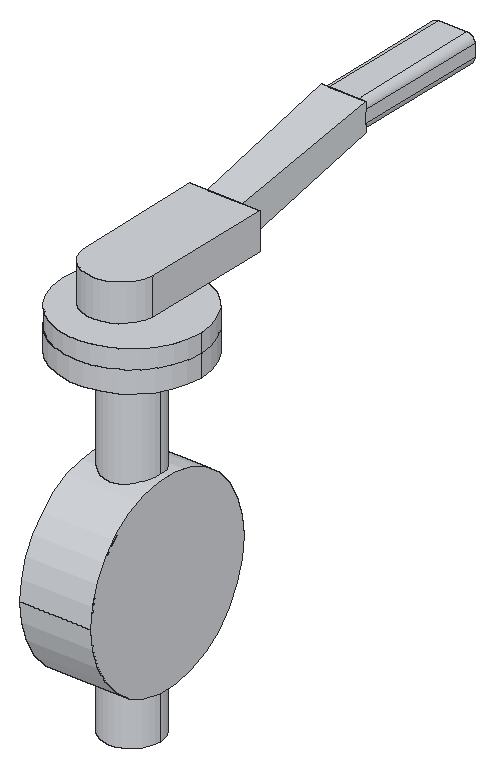
Revit family "HS497-68_disk-nerez_s pákou DN080-RFA_2019", category Pipe Accessories, Revit 2019
Family settings
  Round Connector Dimension = Use Diameter
  Part Type = Valve - Breaks Into
  Work Plane-Based = No
  Always vertical = Yes
  Cut with Voids When Loaded = No
  Shared = No
Parameters (values of type "HS 497-68_DN080_PN16_s pákou")
  magiProductId = "e414795fab0f4eccb99bc3572c5477"
  magiProductFamilyId = "53cea81e6f374d17b8841d9c72ad77"
  magiPartTypeId = 305
  isMeasuringValve [instance] = no
  ang2D [instance] = 0.00°
  X11 = 61.456 mm
  X1 = 25.456 mm
  W2D = 1000 mm
  VersionID = "2.0/2017.9.26.1/ZETKAMA_497_001"
  Use Minimum Symbol Size [instance] = yes
  URL = "http://www.hydronic.cz"
  Type Comments = "mezipřírubová; nerezový disk; PN16; -10~+110°C (krátkodobě +120°C)"
  SW30 = no
  SW3 = no
  SW21 = no
  SW20 = yes
  SW2 = yes
  SW1 = no
  R = 40 mm
  QmdConnectorList = "301;D;302;D"
  Productdata [instance] = ""
  NC = 50 mm
  Manufacturer = "Hydronic Systems Prague s.r.o."
  MM20 = 25.456 mm
  MC Product Code = "121 080 (nerezový disk, s pákou; DN80; PN16, kvs258)"
  M41 = 66 mm
  M4 = 44 mm
  LHL = 260 mm
  LHH3 = 3 mm
  LHH1 = 57 mm
  LH1 = 86.667 mm
  L4R__ve = -L4R  # -12.8 mm
  L4R = 12.8 mm
  L42__ve = -L42  # -96 mm
  L42 = 96 mm
  L41__ve = -L41  # -19.2 mm
  L41 = 19.2 mm
  L2D_Min = 3048 mm
  L2D = 216 mm
  L2 = 23 mm
  L1 = 36.8 mm
  L = 46 mm
  H = 30 mm
  G22 = 11.25 mm
  G2 = 22.5 mm
  G1 = 90 mm
  G = 90 mm
  F = 11 mm
  E44 = 31.25 mm
  E42 = 62.5 mm
  E4 = 125 mm
  E23 = 6 mm
  E22 = 24 mm
  E21 = 12 mm
  Description = "Mezipřírubová uzavírací klapka s pákou; nerezový disk, DN80; PN16; kvs258"
  DR2 = 40 mm
  DR = 124 mm
  DD1 = 15.625 mm
  DD = 12.5 mm
  D = 80 mm
  CAT0 = yes
  B2__ve = -B2  # -54 mm
  B2 = 54 mm
  A2 = 14.1 mm
  A1 = 86.9 mm
Types (43, lengths in mm): name | magiProductId | X11 | X1 | Type Comments | SW30 | SW3 | SW20 | SW2 | SW1 | R | NC | Manufacturer | MM20 | MC Product Code | M41 | M4 | LHL | LHH3 | LHH1 | LH1 | L4R__ve | L4R | L42__ve | L42 | L41__ve | L41 | L2 | L1 | L | H | G | F | E44 | E42 | E4 | E23 | E22 | E21 | Description | DR2 | DR | DD1 | DD | D | B2__ve | B2 | A2 | A1
  HS 497-68_DN100_PN16_volné vřeteno | "65d1b245f4f142c78569c0602d5754" | 61.456 | 25.456 | "mezipřírubová; nerezový disk; PN16; -10~+110°C (krátkodobě +120°C)" | no | no | no | no | yes | 50 | 50 | "Hydronic Systems Prague s.r.o." | 25.456 | "124 100 (nerezový disk, s volným vřetenem; DN100; PN16, kvs512)" | 66 | 44 | 220 | 2.45 | 46.55 | 73.333 | -12.8 | 12.8 | -96 | 96 | -19.2 | 19.2 | 26 | 41.6 | 52 | 30 | 90 | 11 | 31.25 | 62.5 | 125 | 4.9 | 19.6 | 9.8 | "Mezipřírubová uzavírací klapka s volným vřetenem; nerezový disk, DN100; PN16; kvs512" | 50 | 147 | 15.625 | 12.5 | 100 | -56 | 56 | 16.5 | 98.5
  HS 497-68_DN100_PN16_převodové kolo | "11e91b807e674d428c8e796fcdcfe2" | 61.456 | 25.456 | "mezipřírubová; nerezový disk; PN16; -10~+110°C (krátkodobě +120°C)" | yes | yes | no | no | no | 50 | 50 | "Hydronic Systems Prague s.r.o." | 25.456 | "126 100 (nerezový disk, s převodovým kolem; DN100; PN16, kvs512)" | 65.25 | 43.5 | 220 | 2.45 | 46.55 | 73.333 | -12.8 | 12.8 | -96 | 96 | -19.2 | 19.2 | 26 | 41.6 | 52 | 30 | 90 | 11 | 31.25 | 62.5 | 125 | 4.9 | 19.6 | 9.8 | "Mezipřírubová uzavírací klapka s převodovým kolem; nerezový disk, DN100; PN16; kvs512" | 50 | 147 | 15.625 | 12.5 | 100 | -56 | 56 | 16.5 | 98.5
  HS 497-68_DN100_PN16_s pákou | "28172f0b3f4b47b28323ac71cf8749" | 61.456 | 25.456 | "mezipřírubová; nerezový disk; PN16; -10~+110°C (krátkodobě +120°C)" | no | no | yes | yes | no | 50 | 50 | "Hydronic Systems Prague s.r.o." | 25.456 | "121 100 (nerezový disk, s pákou; DN100; PN16, kvs512)" | 66 | 44 | 260 | 3 | 57 | 86.667 | -12.8 | 12.8 | -96 | 96 | -19.2 | 19.2 | 26 | 41.6 | 52 | 30 | 90 | 11 | 31.25 | 62.5 | 125 | 6 | 24 | 12 | "Mezipřírubová uzavírací klapka s pákou; nerezový disk, DN100; PN16; kvs512" | 50 | 147 | 15.625 | 12.5 | 100 | -56 | 56 | 16.5 | 98.5
  HS 497-68_DN125_PN16_volné vřeteno | "0d813d910fc14f628bb3c2efbd185c" | 61.456 | 25.456 | "mezipřírubová; nerezový disk; PN16; -10~+110°C (krátkodobě +120°C)" | no | no | no | no | yes | 62.5 | 50 | "Hydronic Systems Prague s.r.o." | 25.456 | "124 125 (nerezový disk, s volným vřetenem; DN125; PN16, kvs872)" | 66 | 44 | 220 | 2.45 | 46.55 | 73.333 | -12.8 | 12.8 | -96 | 96 | -19.2 | 19.2 | 28 | 44.8 | 56 | 33 | 90 | 14 | 31.25 | 62.5 | 125 | 4.9 | 19.6 | 9.8 | "Mezipřírubová uzavírací klapka s volným vřetenem; nerezový disk, DN125; PN16; kvs872" | 62.5 | 180 | 15.625 | 12.5 | 125 | -64 | 64 | 18 | 99.5
  HS 497-68_DN125_PN16_převodové kolo | "c56b7c13f372467684996fb1e0e229" | 61.456 | 25.456 | "mezipřírubová; nerezový disk; PN16; -10~+110°C (krátkodobě +120°C)" | yes | yes | no | no | no | 62.5 | 50 | "Hydronic Systems Prague s.r.o." | 25.456 | "126125 (nerezový disk, s převodovým kolem; DN125; PN16, kvs872)" | 65.25 | 43.5 | 220 | 2.45 | 46.55 | 73.333 | -13.5 | 13.5 | -101.25 | 101.25 | -20.25 | 20.25 | 28 | 44.8 | 56 | 33 | 90 | 14 | 40 | 80 | 160 | 4.9 | 19.6 | 9.8 | "Mezipřírubová uzavírací klapka s převodovým kolem; nerezový disk, DN125; PN16; kvs872" | 62.5 | 180 | 20 | 16 | 125 | -64 | 64 | 18 | 99.5
  HS 497-68_DN125_PN16_s pákou | "105993c79a91492399feef7931321a" | 61.456 | 25.456 | "mezipřírubová; nerezový disk; PN16; -10~+110°C (krátkodobě +120°C)" | no | no | yes | yes | no | 62.5 | 50 | "Hydronic Systems Prague s.r.o." | 25.456 | "121 125 (nerezový disk, s pákou; DN125; PN16, kvs872)" | 66 | 44 | 315 | 3.75 | 71.25 | 105 | -12.8 | 12.8 | -96 | 96 | -19.2 | 19.2 | 28 | 44.8 | 56 | 33 | 90 | 14 | 31.25 | 62.5 | 125 | 7.5 | 30 | 15 | "Mezipřírubová uzavírací klapka s pákou; nerezový disk, DN125; PN16; kvs872" | 62.5 | 180 | 15.625 | 12.5 | 125 | -64 | 64 | 18 | 99.5
  HS 497-68_DN150_PN16_volné vřeteno | "50c80cb8ab434f55ab7796e5ac1331" | 61.456 | 25.456 | "mezipřírubová; nerezový disk; PN16; -10~+110°C (krátkodobě +120°C)" | no | no | no | no | yes | 75 | 50 | "Hydronic Systems Prague s.r.o." | 25.456 | "124 150 (nerezový disk, s volným vřetenem; DN150; PN16, kvs1347)" | 66 | 44 | 220 | 2.45 | 46.55 | 73.333 | -12.8 | 12.8 | -96 | 96 | -19.2 | 19.2 | 28 | 44.8 | 56 | 33 | 90 | 14 | 31.25 | 62.5 | 125 | 4.9 | 19.6 | 9.8 | "Mezipřírubová uzavírací klapka s volným vřetenem; nerezový disk, DN150; PN16; kvs1347" | 75 | 206 | 15.625 | 12.5 | 150 | -58 | 58 | 19.3 | 98.7
  HS 497-68_DN150_PN16_převodové kolo | "d94a1a0cf83b476eb10011b327f709" | 61.456 | 25.456 | "mezipřírubová; nerezový disk; PN16; -10~+110°C (krátkodobě +120°C)" | yes | yes | no | no | no | 75 | 50 | "Hydronic Systems Prague s.r.o." | 25.456 | "126 150 (nerezový disk, s převodovým kolem; DN150; PN16, kvs1347)" | 65.25 | 43.5 | 220 | 2.45 | 46.55 | 73.333 | -13.5 | 13.5 | -101.25 | 101.25 | -20.25 | 20.25 | 28 | 44.8 | 56 | 33 | 90 | 14 | 40 | 80 | 160 | 4.9 | 19.6 | 9.8 | "Mezipřírubová uzavírací klapka s převodovým kolem; nerezový disk, DN150; PN16; kvs1347" | 75 | 206 | 20 | 16 | 150 | -58 | 58 | 19.3 | 98.7
  HS 497-68_DN150_PN16_s pákou | "4d2835523fe84828bc50ff0a5a0dfb" | 61.456 | 25.456 | "mezipřírubová; nerezový disk; PN16; -10~+110°C (krátkodobě +120°C)" | no | no | yes | yes | no | 75 | 50 | "Hydronic Systems Prague s.r.o." | 25.456 | "121 150 (nerezový disk, s pákou; DN150; PN16, kvs1347)" | 66 | 44 | 315 | 3.75 | 71.25 | 105 | -12.8 | 12.8 | -96 | 96 | -19.2 | 19.2 | 28 | 44.8 | 56 | 33 | 90 | 14 | 31.25 | 62.5 | 125 | 7.5 | 30 | 15 | "Mezipřírubová uzavírací klapka s pákou; nerezový disk, DN150; PN16; kvs1347" | 75 | 206 | 15.625 | 12.5 | 150 | -58 | 58 | 19.3 | 98.7
  HS 497-68_DN200_PN16_volné vřeteno | "5b29029eaeba47139ee1055a4b9201" | 61.456 | 25.456 | "mezipřírubová; nerezový disk; PN16; -10~+110°C (krátkodobě +120°C)" | no | no | no | no | yes | 100 | 50 | "Hydronic Systems Prague s.r.o." | 25.456 | "124 200 (nerezový disk, s volným vřetenem; DN200; PN16, kvs2675)" | 66 | 44 | 220 | 2.45 | 46.55 | 73.333 | -12.8 | 12.8 | -96 | 96 | -19.2 | 19.2 | 30 | 48 | 60 | 33 | 90 | 17 | 31.25 | 62.5 | 125 | 4.9 | 19.6 | 9.8 | "Mezipřírubová uzavírací klapka s volným vřetenem; nerezový disk, DN200; PN16; kvs2675" | 100 | 257 | 15.625 | 12.5 | 200 | -70 | 70 | 22.5 | 102.5
  HS 497-68_DN200_PN16_převodové kolo | "b2793cc1fcc44cf2a35062cd67c04f" | 61.456 | 25.456 | "mezipřírubová; nerezový disk; PN16; -10~+110°C (krátkodobě +120°C)" | yes | yes | no | no | no | 100 | 57 | "Hydronic Systems Prague s.r.o." | 25.456 | "126 200 (nerezový disk, s převodovým kolem; DN200; PN16, kvs2675)" | 78.75 | 52.5 | 220 | 2.45 | 46.55 | 73.333 | -15.2 | 15.2 | -114 | 114 | -22.8 | 22.8 | 30 | 48 | 60 | 33 | 90 | 17 | 50 | 100 | 200 | 4.9 | 19.6 | 9.8 | "Mezipřírubová uzavírací klapka s převodovým kolem; nerezový disk, DN200; PN16; kvs2675" | 100 | 257 | 25 | 20 | 200 | -70 | 70 | 22.5 | 102.5
  HS 497-68_DN200_PN16_s pákou | "f88d96c7af224537a51e72d7d8fffe" | 61.456 | 25.456 | "mezipřírubová; nerezový disk; PN16; -10~+110°C (krátkodobě +120°C)" | no | no | yes | yes | no | 100 | 50 | "Hydronic Systems Prague s.r.o." | 25.456 | "121 200 (nerezový disk, s pákou; DN200; PN16, kvs2675)" | 66 | 44 | 315 | 3.75 | 71.25 | 105 | -12.8 | 12.8 | -96 | 96 | -19.2 | 19.2 | 30 | 48 | 60 | 33 | 90 | 17 | 31.25 | 62.5 | 125 | 7.5 | 30 | 15 | "Mezipřírubová uzavírací klapka s pákou; nerezový disk, DN200; PN16; kvs2675" | 100 | 257 | 15.625 | 12.5 | 200 | -70 | 70 | 22.5 | 102.5
  HS 497-68_DN250_PN16_volné vřeteno | "b662e8305ca2402b9c510e66e6aa55" | 88.77 | 36.77 | "mezipřírubová; nerezový disk; PN16; -10~+110°C (krátkodobě +120°C)" | no | no | no | no | yes | 125 | 50 | "Hydronic Systems Prague s.r.o." | 36.77 | "124 250 (nerezový disk, s volným vřetenem; DN250; PN16, kvs4555)" | 66 | 44 | 220 | 2.45 | 46.55 | 73.333 | -12.8 | 12.8 | -96 | 96 | -19.2 | 19.2 | 34 | 54.4 | 68 | 23 | 130 | 22 | 31.25 | 62.5 | 125 | 4.9 | 19.6 | 9.8 | "Mezipřírubová uzavírací klapka s volným vřetenem; nerezový disk, DN250; PN16; kvs4555" | 125 | 324 | 15.625 | 12.5 | 250 | -85 | 85 | 28.25 | 129.25
  HS 497-68_DN250_PN16_převodové kolo | "5ee9016806664ddfaa2632711f295c" | 88.77 | 36.77 | "mezipřírubová; nerezový disk; PN16; -10~+110°C (krátkodobě +120°C)" | yes | yes | no | no | no | 125 | 70 | "Hydronic Systems Prague s.r.o." | 36.77 | "126 250 (nerezový disk, s převodovým kolem; DN250; PN16, kvs4555)" | 91.5 | 61 | 220 | 2.45 | 46.55 | 73.333 | -22.2 | 22.2 | -166.5 | 166.5 | -33.3 | 33.3 | 34 | 54.4 | 68 | 23 | 130 | 22 | 62.5 | 125 | 250 | 4.9 | 19.6 | 9.8 | "Mezipřírubová uzavírací klapka s převodovým kolem; nerezový disk, DN250; PN16; kvs4555" | 125 | 324 | 31.25 | 25 | 250 | -85 | 85 | 28.25 | 129.25
  HS 497-68_DN300_PN16_volné vřeteno | "e1886f51ff004380a649519258edf2" | 88.77 | 36.77 | "mezipřírubová; nerezový disk; PN16; -10~+110°C (krátkodobě +120°C)" | no | no | no | no | yes | 150 | 50 | "Hydronic Systems Prague s.r.o." | 36.77 | "124 300 (nerezový disk, s volným vřetenem; DN300; PN16, kvs7037)" | 66 | 44 | 220 | 2.45 | 46.55 | 73.333 | -12.8 | 12.8 | -96 | 96 | -19.2 | 19.2 | 39 | 62.4 | 78 | 23 | 130 | 22 | 31.25 | 62.5 | 125 | 4.9 | 19.6 | 9.8 | "Mezipřírubová uzavírací klapka s volným vřetenem; nerezový disk, DN300; PN16; kvs7037" | 150 | 376 | 15.625 | 12.5 | 300 | -90 | 90 | 30.8 | 127.2
  HS 497-68_DN300_PN16_převodové kolo | "6860f094f77d42088fbebc3c97f755" | 88.77 | 36.77 | "mezipřírubová; nerezový disk; PN16; -10~+110°C (krátkodobě +120°C)" | yes | yes | no | no | no | 150 | 70 | "Hydronic Systems Prague s.r.o." | 36.77 | "126 300 (nerezový disk, s převodovým kolem; DN300; PN16, kvs7037)" | 91.5 | 61 | 220 | 2.45 | 46.55 | 73.333 | -22.2 | 22.2 | -166.5 | 166.5 | -33.3 | 33.3 | 39 | 62.4 | 78 | 23 | 130 | 22 | 62.5 | 125 | 250 | 4.9 | 19.6 | 9.8 | "Mezipřírubová uzavírací klapka s převodovým kolem; nerezový disk, DN300; PN16; kvs7037" | 150 | 376 | 31.25 | 25 | 300 | -90 | 90 | 30.8 | 127.2
  HS 497-68_DN032_PN16_volné vřeteno | "8c5f65de52aa4067a77564107e31b2" | 61.456 | 25.456 | "mezipřírubová; nerezový disk; PN16; -10~+110°C (krátkodobě +120°C)" | no | no | no | no | yes | 16 | 50 | "Hydronic Systems Prague s.r.o." | 25.456 | "124 032 (nerezový disk, s volným vřetenem; DN32; PN16, kvs78)" | 66 | 44 | 220 | 2.45 | 46.55 | 73.333 | -12.8 | 12.8 | -96 | 96 | -19.2 | 19.2 | 16.5 | 26.4 | 33 | 30 | 90 | 11 | 31.25 | 62.5 | 125 | 4.9 | 19.6 | 9.8 | "Mezipřírubová uzavírací klapka s volným vřetenem; nerezový disk, DN32; PN16; kvs78" | 16 | 68 | 15.625 | 12.5 | 32 | -44.2 | 44.2 | 10.25 | 76.25
  HS 497-68_DN032_PN16_převodové kolo | "60aaeffa8b3a4e809ef000e4660060" | 61.456 | 25.456 | "mezipřírubová; nerezový disk; PN16; -10~+110°C (krátkodobě +120°C)" | yes | yes | no | no | no | 16 | 50 | "Hydronic Systems Prague s.r.o." | 25.456 | "126 032 (nerezový disk, s převodovým kolem; DN32; PN16, kvs78)" | 65.25 | 43.5 | 220 | 2.45 | 46.55 | 73.333 | -12.8 | 12.8 | -96 | 96 | -19.2 | 19.2 | 16.5 | 26.4 | 33 | 30 | 90 | 11 | 31.25 | 62.5 | 125 | 4.9 | 19.6 | 9.8 | "Mezipřírubová uzavírací klapka s převodovým kolem; nerezový disk, DN32; PN16; kvs78" | 16 | 68 | 15.625 | 12.5 | 32 | -44.2 | 44.2 | 10.25 | 76.25
  HS 497-68_DN032_PN16_s pákou | "9ad8088d610749a1b871aa2aad8007" | 61.456 | 25.456 | "mezipřírubová; nerezový disk; PN16; -10~+110°C (krátkodobě +120°C)" | no | no | yes | yes | no | 16 | 50 | "Hydronic Systems Prague s.r.o." | 25.456 | "121 032 (nerezový disk, s pákou; DN32; PN16, kvs78)" | 66 | 44 | 220 | 2.45 | 46.55 | 73.333 | -12.8 | 12.8 | -96 | 96 | -19.2 | 19.2 | 16.5 | 26.4 | 33 | 30 | 90 | 11 | 31.25 | 62.5 | 125 | 4.9 | 19.6 | 9.8 | "Mezipřírubová uzavírací klapka s pákou; nerezový disk, DN32; PN16; kvs78" | 16 | 68 | 15.625 | 12.5 | 32 | -44.2 | 44.2 | 10.25 | 76.25
  HS 497-68_DN350_PN10_volné vřeteno | "72a1e05f22944421b7e9596a877137" | 109.255 | 45.255 | "mezipřírubová; nerezový disk; PN10; -10~+110°C (krátkodobě +120°C)" | no | no | no | no | yes | 175 | 50 | "Hydronic Systems Prague s.r.o." | 45.255 | "124 350 (nerezový disk, s volným vřetenem; DN350; PN10, kvs10165)" | 66 | 44 | 220 | 2.45 | 46.55 | 73.333 | -12.8 | 12.8 | -96 | 96 | -19.2 | 19.2 | 39 | 62.4 | 78 | 31 | 160 | 22 | 31.25 | 62.5 | 125 | 4.9 | 19.6 | 9.8 | "Mezipřírubová uzavírací klapka s volným vřetenem; nerezový disk, DN350; PN10; kvs10165" | 175 | 430 | 15.625 | 12.5 | 350 | -88 | 88 | 33.85 | 129.65
  HS 497-68_DN350_PN10_převodové kolo | "a5a01426cb28494ba3afca92f1dace" | 109.255 | 45.255 | "mezipřírubová; nerezový disk; PN10; -10~+110°C (krátkodobě +120°C)" | yes | yes | no | no | no | 175 | 70 | "Hydronic Systems Prague s.r.o." | 45.255 | "126 350 (nerezový disk, s převodovým kolem; DN350; PN10, kvs10165)" | 91.5 | 61 | 220 | 2.45 | 46.55 | 73.333 | -22.2 | 22.2 | -166.5 | 166.5 | -33.3 | 33.3 | 39 | 62.4 | 78 | 31 | 160 | 22 | 62.5 | 125 | 250 | 4.9 | 19.6 | 9.8 | "Mezipřírubová uzavírací klapka s převodovým kolem; nerezový disk, DN350; PN10; kvs10165" | 175 | 430 | 31.25 | 25 | 350 | -88 | 88 | 33.85 | 129.65
  HS 497-68_DN400_PN10_volné vřeteno | "c70ebeb927c04ab99b176e257ad0a7" | 109.255 | 45.255 | "mezipřírubová; nerezový disk; PN10; -10~+110°C (krátkodobě +120°C)" | no | no | no | no | yes | 200 | 50 | "Hydronic Systems Prague s.r.o." | 45.255 | "124 400 (nerezový disk, s volným vřetenem; DN400; PN10, kvs13799)" | 66 | 44 | 220 | 2.45 | 46.55 | 73.333 | -12.8 | 12.8 | -96 | 96 | -19.2 | 19.2 | 51 | 81.6 | 102 | 31 | 160 | 27 | 31.25 | 62.5 | 125 | 4.9 | 19.6 | 9.8 | "Mezipřírubová uzavírací klapka s volným vřetenem; nerezový disk, DN400; PN10; kvs13799" | 200 | 485 | 15.625 | 12.5 | 400 | -108 | 108 | 38 | 142
  HS 497-68_DN400_PN10_převodové kolo | "cc64a4384dcb41b780d81810f4f293" | 109.255 | 45.255 | "mezipřírubová; nerezový disk; PN10; -10~+110°C (krátkodobě +120°C)" | yes | yes | no | no | no | 200 | 72.5 | "Hydronic Systems Prague s.r.o." | 45.255 | "126 400 (nerezový disk, s převodovým kolem; DN400; PN10, kvs13799)" | 103.5 | 69 | 220 | 2.45 | 46.55 | 73.333 | -27.8 | 27.8 | -208.5 | 208.5 | -41.7 | 41.7 | 51 | 81.6 | 102 | 31 | 160 | 27 | 75 | 150 | 300 | 4.9 | 19.6 | 9.8 | "Mezipřírubová uzavírací klapka s převodovým kolem; nerezový disk, DN400; PN10; kvs13799" | 200 | 485 | 37.5 | 30 | 400 | -108 | 108 | 38 | 142
  HS 497-68_DN040_PN16_volné vřeteno | "35f92312390745e88df5b5c325d9ee" | 61.456 | 25.456 | "mezipřírubová; nerezový disk; PN16; -10~+110°C (krátkodobě +120°C)" | no | no | no | no | yes | 20 | 50 | "Hydronic Systems Prague s.r.o." | 25.456 | "124 040 (nerezový disk, s volným vřetenem; DN40; PN16, kvs78)" | 66 | 44 | 220 | 2.45 | 46.55 | 73.333 | -12.8 | 12.8 | -96 | 96 | -19.2 | 19.2 | 16.5 | 26.4 | 33 | 30 | 90 | 11 | 31.25 | 62.5 | 125 | 4.9 | 19.6 | 9.8 | "Mezipřírubová uzavírací klapka s volným vřetenem; nerezový disk, DN40; PN16; kvs78" | 20 | 76 | 15.625 | 12.5 | 40 | -36 | 36 | 11 | 79
  HS 497-68_DN040_PN16_převodové kolo | "d88e968eae3445bc9b7b4e6ff35127" | 61.456 | 25.456 | "mezipřírubová; nerezový disk; PN16; -10~+110°C (krátkodobě +120°C)" | yes | yes | no | no | no | 20 | 50 | "Hydronic Systems Prague s.r.o." | 25.456 | "126 040 (nerezový disk, s převodovým kolem; DN40; PN16, kvs78)" | 65.25 | 43.5 | 220 | 2.45 | 46.55 | 73.333 | -12.8 | 12.8 | -96 | 96 | -19.2 | 19.2 | 16.5 | 26.4 | 33 | 30 | 90 | 11 | 31.25 | 62.5 | 125 | 4.9 | 19.6 | 9.8 | "Mezipřírubová uzavírací klapka s převodovým kolem; nerezový disk, DN40; PN16; kvs78" | 20 | 76 | 15.625 | 12.5 | 40 | -36 | 36 | 11 | 79
  HS 497-68_DN040_PN16_s pákou | "c1b522ca65b4407a98818f232eaacb" | 61.456 | 25.456 | "mezipřírubová; nerezový disk; PN16; -10~+110°C (krátkodobě +120°C)" | no | no | yes | yes | no | 20 | 50 | "Hydronic Systems Prague s.r.o." | 25.456 | "121 040 (nerezový disk, s pákou; DN40; PN16, kvs78)" | 66 | 44 | 220 | 2.45 | 46.55 | 73.333 | -12.8 | 12.8 | -96 | 96 | -19.2 | 19.2 | 16.5 | 26.4 | 33 | 30 | 90 | 11 | 31.25 | 62.5 | 125 | 4.9 | 19.6 | 9.8 | "Mezipřírubová uzavírací klapka s pákou; nerezový disk, DN40; PN16; kvs78" | 20 | 76 | 15.625 | 12.5 | 40 | -36 | 36 | 11 | 79
  HS 497-68_DN450_PN10_volné vřeteno | "a8358bc282f14872b3194e530e590a" | 129.74 | 53.74 | "mezipřírubová; nerezový disk; PN10; -10~+110°C (krátkodobě +120°C)" | no | no | no | no | yes | 225 | 50 | "Hydronic Systems Prague s.r.o." | 53.74 | "124 450 (nerezový disk, s volným vřetenem; DN450; PN10, kvs18514)" | 66 | 44 | 220 | 2.45 | 46.55 | 73.333 | -12.8 | 12.8 | -96 | 96 | -19.2 | 19.2 | 57 | 91.2 | 114 | 38 | 190 | 36 | 31.25 | 62.5 | 125 | 4.9 | 19.6 | 9.8 | "Mezipřírubová uzavírací klapka s volným vřetenem; nerezový, DN450; PN10; kvs18514" | 225 | 536 | 15.625 | 12.5 | 450 | -115 | 115 | 38.05 | 117.45
  HS 497-68_DN450_PN10_převodové kolo | "cdf2d80f54a9414f9cbe50647c0ebd" | 129.74 | 53.74 | "mezipřírubová; nerezový disk; PN10; -10~+110°C (krátkodobě +120°C)" | yes | yes | no | no | no | 225 | 91.5 | "Zetkama" | 53.74 | "126 450 (nerezový disk, s převodovým kolem; DN450; PN10, kvs18514)" | 144.75 | 96.5 | 220 | 2.45 | 46.55 | 73.333 | -32.1 | 32.1 | -240.75 | 240.75 | -48.15 | 48.15 | 57 | 91.2 | 114 | 38 | 190 | 36 | 100 | 200 | 400 | 4.9 | 19.6 | 9.8 | "Mezipřírubová uzavírací klapka s převodovým kolem; nerezový disk, DN450; PN10; kvs18514" | 225 | 536 | 50 | 40 | 450 | -115 | 115 | 38.05 | 117.45
  HS 497-68_DN500_PN10_volné vřeteno | "8c396e27bb2743f98f3c762b6517cd" | 143.397 | 59.397 | "mezipřírubová; nerezový disk; PN10; -10~+110°C (krátkodobě +120°C)" | no | no | no | no | yes | 250 | 50 | "Hydronic Systems Prague s.r.o." | 59.397 | "124 500 (nerezový disk, s volným vřetenem; DN500; PN10, kvs23805)" | 66 | 44 | 220 | 2.45 | 46.55 | 73.333 | -12.8 | 12.8 | -96 | 96 | -19.2 | 19.2 | 63.5 | 101.6 | 127 | 38 | 210 | 36 | 31.25 | 62.5 | 125 | 4.9 | 19.6 | 9.8 | "Mezipřírubová uzavírací klapka s volným vřetenem; nerezový disk, DN500; PN10; kvs23805" | 250 | 593 | 15.625 | 12.5 | 500 | -130 | 130 | 43.25 | 139.25
  HS 497-68_DN500_PN10_převodové kolo | "7647804f32e94cef828a7034a91a46" | 143.397 | 59.397 | "mezipřírubová; nerezový disk; PN10; -10~+110°C (krátkodobě +120°C)" | yes | yes | no | no | no | 250 | 91.5 | "Zetkama" | 59.397 | "126 500 (nerezový disk, s převodovým kolem; DN500; PN10, kvs23805)" | 144.75 | 96.5 | 220 | 2.45 | 46.55 | 73.333 | -32.1 | 32.1 | -240.75 | 240.75 | -48.15 | 48.15 | 63.5 | 101.6 | 127 | 38 | 210 | 36 | 100 | 200 | 400 | 4.9 | 19.6 | 9.8 | "Mezipřírubová uzavírací klapka s převodovým kolem; nerezový disk, DN500; PN10; kvs23805" | 250 | 593 | 50 | 40 | 500 | -130 | 130 | 43.25 | 139.25
  HS 497-68_DN050_volné vřeteno | "d71f296ecd6d4adf8f6e5d9853b4e0" | 61.456 | 25.456 | "mezipřírubová; nerezový disk; PN16; -10~+110°C (krátkodobě +120°C)" | no | no | no | no | yes | 25 | 50 | "Hydronic Systems Prague s.r.o." | 25.456 | "124 050 (nerezový disk, s volným vřetenem; DN50; PN16, kvs98)" | 66 | 44 | 220 | 2.45 | 46.55 | 73.333 | -12.8 | 12.8 | -96 | 96 | -19.2 | 19.2 | 21.5 | 34.4 | 43 | 30 | 90 | 11 | 31.25 | 62.5 | 125 | 4.9 | 19.6 | 9.8 | "Mezipřírubová uzavírací klapka s volným vřetenem; nerezový disk, DN50; PN16; kvs98" | 25 | 100 | 15.625 | 12.5 | 50 | -36.5 | 36.5 | 12 | 83
  HS 497-68_DN050_PN16_převodové kolo | "2fb080deeaed49c58418b94c1da5a4" | 61.456 | 25.456 | "mezipřírubová; nerezový disk; PN16; -10~+110°C (krátkodobě +120°C)" | yes | yes | no | no | no | 25 | 50 | "Hydronic Systems Prague s.r.o." | 25.456 | "126 050 (nerezový disk, s převodovým kolem; DN50; PN16, kvs98)" | 65.25 | 43.5 | 220 | 2.45 | 46.55 | 73.333 | -12.8 | 12.8 | -96 | 96 | -19.2 | 19.2 | 21.5 | 34.4 | 43 | 30 | 90 | 11 | 31.25 | 62.5 | 125 | 4.9 | 19.6 | 9.8 | "Mezipřírubová uzavírací klapka s převodovým kolem; nerezový disk, DN50; PN16; kvs98" | 25 | 100 | 15.625 | 12.5 | 50 | -36.5 | 36.5 | 12 | 83
  HS 497-68_DN050_PN16_s pákou | "dabc632061f94877a994b9b4e68112" | 61.456 | 25.456 | "mezipřírubová; nerezový disk; PN16; -10~+110°C (krátkodobě +120°C)" | no | no | yes | yes | no | 25 | 50 | "Hydronic Systems Prague s.r.o." | 25.456 | "121 050 (nerezový disk, s pákou; DN50; PN16, kvs98)" | 66 | 44 | 220 | 2.45 | 46.55 | 73.333 | -12.8 | 12.8 | -96 | 96 | -19.2 | 19.2 | 21.5 | 34.4 | 43 | 30 | 90 | 11 | 31.25 | 62.5 | 125 | 4.9 | 19.6 | 9.8 | "Mezipřírubová uzavírací klapka s pákou; nerezový disk, DN50; PN16; kvs98" | 25 | 100 | 15.625 | 12.5 | 50 | -36.5 | 36.5 | 12 | 83
  HS 497-68_DN600_PN10_volné vřeteno | "99d5892c14664fce81a7c5903f7711" | 143.397 | 59.397 | "mezipřírubová; nerezový disk; PN10; -10~+110°C (krátkodobě +120°C)" | no | no | no | no | yes | 300 | 50 | "Hydronic Systems Prague s.r.o." | 59.397 | "124 600 (nerezový disk, s volným vřetenem; DN600; PN10, kvs36778)" | 66 | 44 | 220 | 2.45 | 46.55 | 73.333 | -12.8 | 12.8 | -96 | 96 | -19.2 | 19.2 | 77 | 123.2 | 154 | 80 | 210 | 60 | 31.25 | 62.5 | 125 | 4.9 | 19.6 | 9.8 | "Mezipřírubová uzavírací klapka s volným vřetenem; nerezový disk, DN600; PN10; kvs36788" | 300 | 690 | 15.625 | 12.5 | 600 | -140 | 140 | 49.4 | 144.6
  HS 497-68_DN600_PN10_převodové kolo | "b1e26faab48a4c499f6bb11e7e3002" | 143.397 | 59.397 | "mezipřírubová; lnerezový disk; PN10; -10~+110°C (krátkodobě +120°C)" | yes | yes | no | no | no | 300 | 140 | "Hydronic Systems Prague s.r.o." | 59.397 | "126 600 (nerezový disk, s převodovým kolem; DN600; PN10, kvs36778)" | 206.25 | 137.5 | 220 | 2.45 | 46.55 | 73.333 | -40.8 | 40.8 | -306 | 306 | -61.2 | 61.2 | 77 | 123.2 | 154 | 80 | 210 | 60 | 125 | 250 | 500 | 4.9 | 19.6 | 9.8 | "Mezipřírubová uzavírací klapka s převodovým kolem; nerezový disk, DN600; PN10; kvs36788" | 300 | 690 | 62.5 | 50 | 600 | -140 | 140 | 49.4 | 144.6
  HS 497-68_DN065_PN16_volné vřeteno | "5e5e208646e34ec29f889baab5d08e" | 61.456 | 25.456 | "mezipřírubová; lnerezový disk; PN16; -10~+110°C (krátkodobě +120°C)" | no | no | no | no | yes | 32.5 | 50 | "Hydronic Systems Prague s.r.o." | 25.456 | "124 065 (nerezový disk, s volným vřetenem; DN65; PN16, kvs167)" | 66 | 44 | 220 | 2.45 | 46.55 | 73.333 | -12.8 | 12.8 | -96 | 96 | -19.2 | 19.2 | 23 | 36.8 | 46 | 30 | 90 | 11 | 31.25 | 62.5 | 125 | 4.9 | 19.6 | 9.8 | "Mezipřírubová uzavírací klapka s volným vřetenem; nerezový disk, DN65; PN16; kv167" | 32.5 | 108 | 15.625 | 12.5 | 65 | -36.5 | 36.5 | 13.5 | 89
  HS 497-68_DN065_PN16_převodové kolo | "654d74c8d15540b0bfe523d988ccb3" | 61.456 | 25.456 | "mezipřírubová; nerezový disk; PN16; -10~+110°C (krátkodobě +120°C)" | yes | yes | no | no | no | 32.5 | 50 | "Hydronic Systems Prague s.r.o." | 25.456 | "126 065 (nerezový disk, s převodovým kolem; DN65; PN16, kvs167)" | 65.25 | 43.5 | 220 | 2.45 | 46.55 | 73.333 | -12.8 | 12.8 | -96 | 96 | -19.2 | 19.2 | 23 | 36.8 | 46 | 30 | 90 | 11 | 31.25 | 62.5 | 125 | 4.9 | 19.6 | 9.8 | "Mezipřírubová uzavírací klapka s převodovým kolem; nerezový disk, DN65; PN16; kvs167" | 32.5 | 108 | 15.625 | 12.5 | 65 | -36.5 | 36.5 | 13.5 | 89
  HS 497-68_DN065_PN16_s pákou | "ebeb4b59db0641caaf6d6635ab37b9" | 61.456 | 25.456 | "mezipřírubová; nerezový disk; PN16; -10~+110°C (krátkodobě +120°C)" | no | no | yes | yes | no | 32.5 | 50 | "Hydronic Systems Prague s.r.o." | 25.456 | "121 065 (nerezový disk, s pákou; DN65; PN16, kvs167)" | 66 | 44 | 220 | 2.45 | 46.55 | 73.333 | -12.8 | 12.8 | -96 | 96 | -19.2 | 19.2 | 23 | 36.8 | 46 | 30 | 90 | 11 | 31.25 | 62.5 | 125 | 4.9 | 19.6 | 9.8 | "Mezipřírubová uzavírací klapka s pákou; nerezový disk, DN65; PN16; kvs167" | 32.5 | 108 | 15.625 | 12.5 | 65 | -36.5 | 36.5 | 13.5 | 89
  HS 497-68_DN080_PN16_volné vřeteno | "9e85c75c18654e1185a9c48ed6b00e" | 61.456 | 25.456 | "mezipřírubová; nerezový disk; PN16; -10~+110°C (krátkodobě +120°C)" | no | no | no | no | yes | 40 | 50 | "Hydronic Systems Prague s.r.o." | 25.456 | "124 080 (nerezový disk, s volným vřetenem; DN80; PN16, kvs258)" | 66 | 44 | 220 | 2.45 | 46.55 | 73.333 | -12.8 | 12.8 | -96 | 96 | -19.2 | 19.2 | 23 | 36.8 | 46 | 30 | 90 | 11 | 31.25 | 62.5 | 125 | 4.9 | 19.6 | 9.8 | "Mezipřírubová uzavírací klapka s volným vřetenem; nerezový disk, DN80; PN16; kvs258" | 40 | 124 | 15.625 | 12.5 | 80 | -54 | 54 | 14.1 | 86.9
  HS 497-68_DN080_PN16_převodové kolo | "5b3c8238c3d041e68c75b199e7ea46" | 61.456 | 25.456 | "mezipřírubová; nerezový disk; PN16; -10~+110°C (krátkodobě +120°C)" | yes | yes | no | no | no | 40 | 50 | "Hydronic Systems Prague s.r.o." | 25.456 | "126 080 (nerezový disk, s převodovým kolem; DN80; PN16, kvs258)" | 65.25 | 43.5 | 220 | 2.45 | 46.55 | 73.333 | -12.8 | 12.8 | -96 | 96 | -19.2 | 19.2 | 23 | 36.8 | 46 | 30 | 90 | 11 | 31.25 | 62.5 | 125 | 4.9 | 19.6 | 9.8 | "Mezipřírubová uzavírací klapka s převodovým kolem; nerezový disk, DN80; PN16; kvs258" | 40 | 124 | 15.625 | 12.5 | 80 | -54 | 54 | 14.1 | 86.9
  HS 497-68_DN080_PN16_s pákou | "e414795fab0f4eccb99bc3572c5477" | 61.456 | 25.456 | "mezipřírubová; nerezový disk; PN16; -10~+110°C (krátkodobě +120°C)" | no | no | yes | yes | no | 40 | 50 | "Hydronic Systems Prague s.r.o." | 25.456 | "121 080 (nerezový disk, s pákou; DN80; PN16, kvs258)" | 66 | 44 | 260 | 3 | 57 | 86.667 | -12.8 | 12.8 | -96 | 96 | -19.2 | 19.2 | 23 | 36.8 | 46 | 30 | 90 | 11 | 31.25 | 62.5 | 125 | 6 | 24 | 12 | "Mezipřírubová uzavírací klapka s pákou; nerezový disk, DN80; PN16; kvs258" | 40 | 124 | 15.625 | 12.5 | 80 | -54 | 54 | 14.1 | 86.9
  HS 497-68_DN250_PN16_s pákou | "" | 88.77 | 36.77 | "mezipřírubová; nerezový disk; PN16; -10~+110°C (krátkodobě +120°C)" | no | no | yes | yes | no | 125 | 70 | "Hydronic Systems Prague s.r.o." | 36.77 | "121 250 (nerezový disk, s ákou; DN250; PN16, kvs4555)" | 91.5 | 61 | 220 | 2.45 | 46.55 | 73.333 | -22.2 | 22.2 | -166.5 | 166.5 | -33.3 | 33.3 | 34 | 54.4 | 68 | 23 | 130 | 22 | 62.5 | 125 | 250 | 4.9 | 19.6 | 9.8 | "Mezipřírubová uzavírací klapka s pákou; nerezový disk, DN250; PN16; kvs4555" | 125 | 324 | 31.25 | 25 | 250 | -85 | 85 | 28.25 | 129.25
  HS 497-68_DN300_PN16_s pákou | "" | 88.77 | 36.77 | "mezipřírubová; nerezový disk; PN16; -10~+110°C (krátkodobě +120°C)" | no | no | yes | yes | no | 150 | 70 | "Hydronic Systems Prague s.r.o." | 36.77 | "121 300 (nerezový disk, s pákou; DN300; PN16, kvs7037)" | 91.5 | 61 | 220 | 2.45 | 46.55 | 73.333 | -22.2 | 22.2 | -166.5 | 166.5 | -33.3 | 33.3 | 39 | 62.4 | 78 | 23 | 130 | 22 | 62.5 | 125 | 250 | 4.9 | 19.6 | 9.8 | "Mezipřírubová uzavírací klapka s pákou; nerezový disk, DN300; PN16; kvs7037" | 150 | 376 | 31.25 | 25 | 300 | -90 | 90 | 30.8 | 127.2
Reference planes
  plane 1 "Center (Front/Back)": y = 0
  plane 2 "XYPLANE": z = 0
  plane 3 "Center (Left/Right)": x = 0
  plane 4 "473": x = -25.456
  plane 5 "472": x = -66
  plane 6 "471": y = -25.456
  plane 7 "470": y = 25.456
  plane 8 "469": x = -44
  plane 9 "468": y = -115.2
  plane 10 "467": y = -96
  plane 11 "466": z = 172.25
  plane 12 "465": z = 198
  plane 13 "464": y = 172.083
  plane 14 "463": z = 186
  plane 15 "462": z = 165
  plane 16 "461": z = 177
  plane 17 "460": y = 85.417
  plane 18 "459": x = -11.25
  plane 19 "458": x = 11.25
  plane 20 "457": y = -6.25
  plane 21 "456": x = -17.5
  plane 22 "455": x = 17.5
  plane 23 "454": z = 183
  plane 24 "453": y = 75.417
  plane 25 "452": y = -11.25
  plane 26 "451": x = -22.5
  plane 27 "450": x = 22.5
  plane 28 "449": z = 159
  plane 29 "448": z = 153
  plane 30 "447": z = -40
  plane 31 "446": z = 141
  plane 32 "445": z = 126.9
  plane 33 "444": z = 40
  plane 34 "443": x = 23
  plane 35 "442": x = -23
  plane 36 "441": z = 0
  plane 37 "440": y = 0
  plane 38 "439": x = 0
  plane 39 "438": z = 201
  plane 40 "437": z = 183
  plane 41 "436": x = 14.25
  plane 42 "435": x = -14.25
  plane 43 "434": y = 260
Forms (mm)
  Extrusion 1, solid, visible <- "SW3"
    sketch origin (-750, 0, 141) x (1, 0, 0) y (0, 1, 0)
      loop
        line (684, 25.456) -> (684, -25.456) -> (724.544, -25.456)
        arc (724.544, -25.456) -> (786, 0) -> (724.544, 25.456) r 36
        line (724.544, 25.456) -> (684, 25.456)
    from 0 to 62.5 <- "E42"
  Extrusion 2, solid, visible <- "SW30"
    sketch origin (0, -750, 0) x (0, 1, 0) y (0, 0, 1)
      loop
        circle (750, 172.25) r 7.813
    from 0 to 50 <- "NC"
  Extrusion 3, solid, visible <- "SW30"
    sketch origin (750, -115.2, 0) x (-1, 0, 0) y (0, 0, 1)
      loop
        circle (794, 172.25) r 62.5
    from 0 to -12.8 <- "L4R__ve"
  Extrusion 4, solid, visible <- "SW3"
    sketch origin (750, -96, 0) x (-1, 0, 0) y (0, 0, 1)
      loop
        circle (794, 172.25) r 7.813
    from 0 to -19.2 <- "L41__ve"
  Extrusion 5, solid, visible <- "SW30"
    sketch origin (750, 0, 0) x (-1, 0, 0) y (0, 0, 1)
      loop
        circle (794, 172.25) r 6.25
    from 0 to -96 <- "L42__ve"
  Blend 6, solid, visible <- "SW21"
    base sketch origin (750, 85.417, 0) x (-1, 0, 0) y (0, 0, 1)
      loop
        line (761.25, 177) -> (738.75, 177) -> (738.75, 165) -> (761.25, 165) -> (761.25, 177)
    top sketch origin (750, 85.417, 0) x (-1, 0, 0) y (0, 0, 1)
      loop
        line (761.25, 198) -> (738.75, 198) -> (738.75, 186) -> (761.25, 186) -> (761.25, 198)
    from 0 to 86.667
  Blend 7, solid, visible <- "SW21"
    base sketch origin (750, 75.417, 0) x (-1, 0, 0) y (0, 0, 1)
      loop
        line (761.25, 183) -> (738.75, 183) -> (738.75, 159) -> (761.25, 159) -> (761.25, 183)
    top sketch origin (750, 75.417, 0) x (-1, 0, 0) y (0, 0, 1)
      loop
        line (761.25, 177) -> (738.75, 177) -> (738.75, 165) -> (761.25, 165) -> (761.25, 177)
    from 0 to 10
  Blend 8, solid, visible <- "SW21"
    base sketch origin (-750, 0, 159) x (1, 0, 0) y (0, 1, 0)
      loop
        line (772.5, 75.417) -> (727.5, 75.417) -> (727.5, -11.25)
        arc (727.5, -11.25) -> (750, -31.25) -> (772.5, -11.25) r 22.656
        line (772.5, -11.25) -> (772.5, 75.417)
    top sketch origin (-750, 0, 159) x (1, 0, 0) y (0, 1, 0)
      loop
        line (767.5, 75.417) -> (732.5, 75.417) -> (732.5, -6.25)
        arc (732.5, -6.25) -> (750, -26.25) -> (767.5, -6.25) r 17.656
        line (767.5, -6.25) -> (767.5, 75.417)
    from 0 to 24
  Extrusion 9, solid, visible <- "SW2"
    sketch origin (-750, 0, 153) x (1, 0, 0) y (0, 1, 0)
      loop
        circle (750, 0) r 11.25
    from 0 to 6 <- "E23"
  Extrusion 10, solid, visible <- "SW2"
    sketch origin (-750, 0, 141) x (1, 0, 0) y (0, 1, 0)
      loop
        circle (750, 0) r 45
    from 0 to 12 <- "E21"
  Extrusion 11, solid, visible <- "CAT0"
    sketch origin (-750, 0, -40) x (1, 0, 0) y (0, 1, 0)
      loop
        circle (750, 0) r 18.4
    from 0 to -54 <- "B2__ve"
  Extrusion 12, solid, visible <- "CAT0"
    sketch origin (-750, 0, 126.9) x (1, 0, 0) y (0, 1, 0)
      loop
        circle (750, 0) r 45
    from 0 to 14.1 <- "A2"
  Extrusion 13, solid, visible <- "CAT0"
    sketch origin (-750, 0, 40) x (1, 0, 0) y (0, 1, 0)
      loop
        circle (750, 0) r 18.4
    from 0 to 86.9 <- "A1"
  Extrusion 14, solid, visible <- "CAT0"
    sketch origin (-23, -750, 0) x (0, 1, 0) y (0, 0, 1)
      loop
        circle (750, 0) r 62
    from 0 to 46 <- "L"
  Extrusion 15, solid, visible <- "SW1"
    sketch origin (-750, 0, 141) x (1, 0, 0) y (0, 1, 0)
      loop
        line (755.5, 5.5) -> (744.5, 5.5) -> (744.5, -5.5) -> (755.5, -5.5) -> (755.5, 5.5)
    from 0 to 30 <- "H"
  Blend 16, solid, visible <- "SW2"
    base sketch origin (750, 172.083, 0) x (-1, 0, 0) y (0, 0, 1)
      loop
        arc (764.25, 196) -> (762.786, 199.536) -> (759.25, 201) r 5
        line (759.25, 201) -> (740.75, 201)
        arc (740.75, 201) -> (737.214, 199.536) -> (735.75, 196) r 5
        line (735.75, 196) -> (735.75, 188)
        arc (735.75, 188) -> (737.214, 184.464) -> (740.75, 183) r 5
        line (740.75, 183) -> (759.25, 183)
        arc (759.25, 183) -> (762.786, 184.464) -> (764.25, 188) r 5
        line (764.25, 188) -> (764.25, 196)
    top sketch origin (750, 172.083, 0) x (-1, 0, 0) y (0, 0, 1)
      loop
        arc (764.25, 196) -> (762.786, 199.536) -> (759.25, 201) r 5
        line (759.25, 201) -> (740.75, 201)
        arc (740.75, 201) -> (737.214, 199.536) -> (735.75, 196) r 5
        line (735.75, 196) -> (735.75, 188)
        arc (735.75, 188) -> (737.214, 184.464) -> (740.75, 183) r 5
        line (740.75, 183) -> (759.25, 183)
        arc (759.25, 183) -> (762.786, 184.464) -> (764.25, 188) r 5
        line (764.25, 188) -> (764.25, 196)
    from 0 to 87.917
  Blend 17, solid, visible <- "SW20"
    base sketch origin (750, 172.083, 0) x (-1, 0, 0) y (0, 0, 1)
      loop
        line (764.25, 201) -> (735.75, 201) -> (735.75, 183) -> (764.25, 183) -> (764.25, 201)
    top sketch origin (750, 172.083, 0) x (-1, 0, 0) y (0, 0, 1)
      loop
        line (761.25, 183) -> (738.75, 183) -> (738.75, 159) -> (761.25, 159) -> (761.25, 183)
    from 0 to -96.667
  Extrusion 18, solid, visible <- "SW20"
    sketch origin (-750, 0, 159) x (1, 0, 0) y (0, 1, 0)
      loop
        line (772.5, 75.417) -> (727.5, 75.417) -> (727.5, -11.25)
        arc (727.5, -11.25) -> (750, -31.25) -> (772.5, -11.25) r 22.656
        line (772.5, -11.25) -> (772.5, 75.417)
    from 0 to 24 <- "E22"
  Extrusion 19, solid, not visible
    sketch origin (-23, -750, 0) x (0, 1, 0) y (0, 0, 1)
      loop
        circle (750, 0) r 10
    from 0 to 10
  Extrusion 20, solid, not visible
    sketch origin (23, -750, 0) x (0, 1, 0) y (0, 0, 1)
      loop
        circle (750, 0) r 10
    from 0 to -10
Lines and regions (mm)
  reference lines, not visible
    curve 1: circle (2, 2, 0) r 1 normal (0, 0, 1)
  reference lines
    curve 2: line (-25.456, -25.456, 141) -> (-25.456, 25.456, 141)
    curve 3: line (-17.5, -6.25, 159) -> (17.5, -6.25, 159)
    curve 4: line (-22.5, -11.25, 159) -> (22.5, -11.25, 159)
    curve 5: circle (0, 0, 141) r 1 normal (0, 0, 1)
    curve 6: line (-22.5, -11.25, 159) -> (22.5, -11.25, 159)
Dimensions and locks
  plane 1 "Center (Front/Back)" to curve 1 = 2 mm
  "X1": plane 3 "Center (Left/Right)" to plane 4 "473"
  "M41": plane 3 "Center (Left/Right)" to plane 5 "472"
  "MM20": plane 1 "Center (Front/Back)" to plane 6 "471"
  "MM20": plane 1 "Center (Front/Back)" to plane 7 "470"
  "M4": plane 3 "Center (Left/Right)" to plane 8 "469"
  "L41": plane 10 "467" to plane 9 "468"
  "L42": plane 1 "Center (Front/Back)" to plane 10 "467"
  "E44": plane 31 "446" to plane 11 "466"
  "LHH1": plane 31 "446" to plane 12 "465"
  "LH1": plane 17 "460" to plane 13 "464"
  "E21": plane 12 "465" to plane 14 "463"
  "E21": plane 16 "461" to plane 15 "462"
  "E23": plane 23 "454" to plane 16 "461"
  locked: plane 24 "453" to plane 17 "460" at 10
  "G22": plane 3 "Center (Left/Right)" to plane 18 "459"
  "G22": plane 3 "Center (Left/Right)" to plane 19 "458"
  locked: plane 25 "452" to plane 20 "457" at 5
  locked: plane 26 "451" to plane 21 "456" at 5
  locked: plane 27 "450" to plane 22 "455" at 5
  "E22": plane 28 "449" to plane 23 "454"
  "LH1": plane 25 "452" to plane 24 "453"
  "G22": plane 1 "Center (Front/Back)" to plane 25 "452"
  "G2": plane 3 "Center (Left/Right)" to plane 26 "451"
  "G2": plane 3 "Center (Left/Right)" to plane 27 "450"
  "E23": plane 29 "448" to plane 28 "449"
  "E21": plane 31 "446" to plane 29 "448"
  "R": plane 2 "XYPLANE" to plane 30 "447"
  "A2": plane 32 "445" to plane 31 "446"
  "A1": plane 33 "444" to plane 32 "445"
  "DR2": plane 2 "XYPLANE" to plane 33 "444"
  "L2": plane 3 "Center (Left/Right)" to plane 34 "443"
  "L2": plane 3 "Center (Left/Right)" to plane 35 "442"
  locked: plane 2 "XYPLANE" to plane 36 "441"
  locked: plane 1 "Center (Front/Back)" to plane 37 "440"
  locked: plane 3 "Center (Left/Right)" to plane 38 "439"
  "LHH3": plane 12 "465" to plane 39 "438"
  "LHH3": plane 14 "463" to plane 40 "437"
  "LHH3": plane 19 "458" to plane 41 "436"
  "LHH3": plane 18 "459" to plane 42 "435"
  "LHL": plane 1 "Center (Front/Back)" to plane 43 "434"
  "X11": curve 2 to Extrusion 1 sketch curve
  Extrusion 1 sketch curve to Extrusion 1 sketch curve = 0 mm  (x8)
  Blend 6 sketch curve to Blend 6 sketch curve = 0 mm  (x16)
  Blend 7 sketch curve to Blend 7 sketch curve = 0 mm  (x16)
  Blend 8 sketch curve to Blend 8 sketch curve = 0 mm  (x16)
  equal spacing: Extrusion 15 sketch curve, curve 5, Extrusion 15 sketch curve  (x2)
  "F": Extrusion 15 sketch curve to Extrusion 15 sketch curve  (x2)
  Blend 16 sketch curve to Blend 16 sketch curve = 0 mm  (x32)
  Blend 17 sketch curve to Blend 17 sketch curve = 0 mm  (x16)
  Extrusion 18 sketch curve to Extrusion 18 sketch curve = 0 mm  (x8)
  "DD1": diameter of Extrusion 2 sketch curve
  "E4": diameter of Extrusion 3 sketch curve
  "DD1": diameter of Extrusion 4 sketch curve
  "DD": diameter of Extrusion 5 sketch curve
  "G2": diameter of Extrusion 9 sketch curve
  "G1": diameter of Extrusion 10 sketch curve
  "L1": diameter of Extrusion 11 sketch curve
  "G": diameter of Extrusion 12 sketch curve
  "L1": diameter of Extrusion 13 sketch curve
  "DR": diameter of Extrusion 14 sketch curve
  radius of Blend 16 sketch curve = 5 mm  (x8)
  aligned and locked: level to plane 2 "XYPLANE"
  aligned and locked: Extrusion 1 sketch curve to plane 5 "472"
  aligned and locked: plane 7 "470" to Extrusion 1 sketch curve
  aligned and locked: plane 6 "471" to Extrusion 1 sketch curve
  aligned and locked: plane 5 "472" to Extrusion 1 sketch curve
  aligned and locked: plane 4 "473" to Extrusion 1 sketch curve  (x2)
  aligned and locked: plane 4 "473" to curve 2
  aligned and locked: plane 6 "471" to curve 2
  aligned and locked: plane 7 "470" to curve 2
  aligned and locked: Extrusion 1 sketch curve to plane 7 "470"
  aligned and locked: plane 11 "466" to Extrusion 2 sketch curve
  aligned and locked: plane 37 "440" to Extrusion 2 sketch curve
  aligned and locked: plane 8 "469" to Extrusion 3 sketch curve
  aligned and locked: plane 11 "466" to Extrusion 3 sketch curve
  aligned and locked: plane 8 "469" to Extrusion 4 sketch curve
  aligned and locked: plane 11 "466" to Extrusion 4 sketch curve
  aligned and locked: plane 8 "469" to Extrusion 5 sketch curve
  aligned and locked: plane 11 "466" to Extrusion 5 sketch curve
  aligned and locked: plane 12 "465" to Blend 6 sketch curve  (x2)
  aligned and locked: plane 18 "459" to Blend 6 sketch curve  (x4)
  aligned and locked: plane 19 "458" to Blend 6 sketch curve  (x4)
  aligned and locked: plane 14 "463" to Blend 6 sketch curve  (x2)
  aligned and locked: plane 16 "461" to Blend 6 sketch curve  (x2)
  aligned and locked: plane 15 "462" to Blend 6 sketch curve  (x2)
  aligned and locked: plane 13 "464" to Blend 6
  aligned and locked: plane 16 "461" to Blend 7 sketch curve  (x2)
  aligned and locked: plane 18 "459" to Blend 7 sketch curve  (x4)
  aligned and locked: plane 19 "458" to Blend 7 sketch curve  (x4)
  aligned and locked: plane 15 "462" to Blend 7 sketch curve  (x2)
  aligned and locked: plane 23 "454" to Blend 7 sketch curve  (x2)
  aligned and locked: plane 28 "449" to Blend 7 sketch curve  (x2)
  aligned and locked: plane 17 "460" to Blend 7
  aligned and locked: plane 24 "453" to Blend 8 sketch curve  (x4)
  aligned and locked: plane 22 "455" to Blend 8 sketch curve  (x2)
  aligned and locked: plane 21 "456" to Blend 8 sketch curve
  aligned and locked: plane 20 "457" to Blend 8 sketch curve  (x2)
  aligned and locked: curve 3 to plane 20 "457"
  aligned and locked: plane 21 "456" to curve 3
  aligned and locked: plane 22 "455" to curve 3
  aligned and locked: plane 27 "450" to Blend 8 sketch curve  (x2)
  aligned and locked: plane 26 "451" to Blend 8 sketch curve
  aligned and locked: plane 25 "452" to Blend 8 sketch curve  (x2)
  aligned and locked: curve 4 to plane 25 "452"
  aligned and locked: plane 26 "451" to curve 4
  aligned and locked: plane 27 "450" to curve 4
  aligned and locked: plane 23 "454" to Blend 8
  aligned and locked: plane 37 "440" to Extrusion 9 sketch curve
  aligned and locked: plane 38 "439" to Extrusion 9 sketch curve
  aligned and locked: plane 37 "440" to Extrusion 10 sketch curve
  aligned and locked: plane 38 "439" to Extrusion 10 sketch curve
  aligned and locked: plane 37 "440" to Extrusion 11 sketch curve
  aligned and locked: plane 38 "439" to Extrusion 11 sketch curve
  aligned and locked: plane 37 "440" to Extrusion 12 sketch curve
  aligned and locked: plane 38 "439" to Extrusion 12 sketch curve
  aligned and locked: plane 37 "440" to Extrusion 13 sketch curve
  aligned and locked: plane 38 "439" to Extrusion 13 sketch curve
  aligned and locked: plane 36 "441" to Extrusion 14 sketch curve
  aligned and locked: Extrusion 14 sketch curve to plane 37 "440"
  aligned and locked: plane 37 "440" to curve 5
  aligned and locked: plane 38 "439" to curve 5
  aligned and locked: plane 39 "438" to Blend 16 sketch curve  (x2)
  aligned and locked: plane 41 "436" to Blend 16 sketch curve  (x2)
  aligned and locked: Blend 16 sketch curve to plane 40 "437"  (x2)
  aligned and locked: Blend 16 sketch curve to plane 42 "435"  (x2)
  aligned and locked: plane 43 "434" to Blend 16
  aligned and locked: plane 23 "454" to Blend 17 sketch curve  (x2)
  aligned and locked: plane 18 "459" to Blend 17 sketch curve  (x2)
  aligned and locked: plane 19 "458" to Blend 17 sketch curve  (x2)
  aligned and locked: plane 28 "449" to Blend 17 sketch curve  (x2)
  aligned and locked: plane 39 "438" to Blend 17 sketch curve  (x2)
  aligned and locked: plane 42 "435" to Blend 17 sketch curve  (x2)
  aligned and locked: plane 41 "436" to Blend 17 sketch curve  (x2)
  aligned and locked: plane 40 "437" to Blend 17 sketch curve  (x2)
  aligned and locked: Blend 17 to plane 24 "453"
  aligned and locked: plane 24 "453" to Extrusion 18 sketch curve  (x2)
  aligned and locked: plane 27 "450" to Extrusion 18 sketch curve  (x2)
  aligned and locked: plane 26 "451" to Extrusion 18 sketch curve
  aligned and locked: plane 25 "452" to Extrusion 18 sketch curve  (x2)
  aligned and locked: curve 6 to plane 25 "452"
  aligned and locked: plane 26 "451" to curve 6
  aligned and locked: plane 27 "450" to curve 6
  aligned and locked: plane 36 "441" to Extrusion 19 sketch curve
  aligned and locked: Extrusion 19 sketch curve to plane 37 "440"
  aligned and locked: plane 36 "441" to Extrusion 20 sketch curve
  aligned and locked: Extrusion 20 sketch curve to plane 37 "440"
Automatic sketch dimensions
  Blend 8 sketch curve to plane 20 "457" = 2.344 mm  (x2)
  Extrusion 18 sketch curve to plane 20 "457" = 2.344 mm
  plane 25 "452" to Extrusion 19 sketch curve = 1.25 mm
  plane 25 "452" to Extrusion 20 sketch curve = 1.25 mm
  plane 3 "Center (Left/Right)" to curve 1 = 2 mm
  Extrusion 15 sketch curve to plane 3 "Center (Left/Right)" = 5.5 mm
  plane 20 "457" to Extrusion 15 sketch curve = 0.75 mm
  radius of curve 5 = 1 mm
  radius of curve 1 = 1 mm
Connectors
  piping at (-23, 0, 0), diameter 80, driven by "D"
    settings: on Extrusion 19, index 1, connector inside diameter 609.6 mm, connector length 0 mm, flow factor 0, pipe flow 0.0 L/s, pressure drop 0.0 Pa, fitting loss kfactor 0, connector angle 0.00°, fixture units 0, engagement length 0 mm, angle of deflection 0.00°, flow configuration 0, flow direction 0, fitting loss method 0, system type 29, joint type 0, gender type 0, connector reference index 2, connector utility 0, adjustable connector no, is connector primary yes, connector description ""
  piping at (23, 0, 0), diameter 80, driven by "D"
    settings: on Extrusion 20, index 2, connector inside diameter 609.6 mm, connector length 0 mm, flow factor 0, pipe flow 0.0 L/s, pressure drop 0.0 Pa, fitting loss kfactor 0, connector angle 0.00°, fixture units 0, engagement length 0 mm, angle of deflection 0.00°, flow configuration 0, flow direction 0, fitting loss method 0, system type 29, joint type 0, gender type 0, connector reference index 1, connector utility 0, adjustable connector no, is connector primary no, connector description ""
